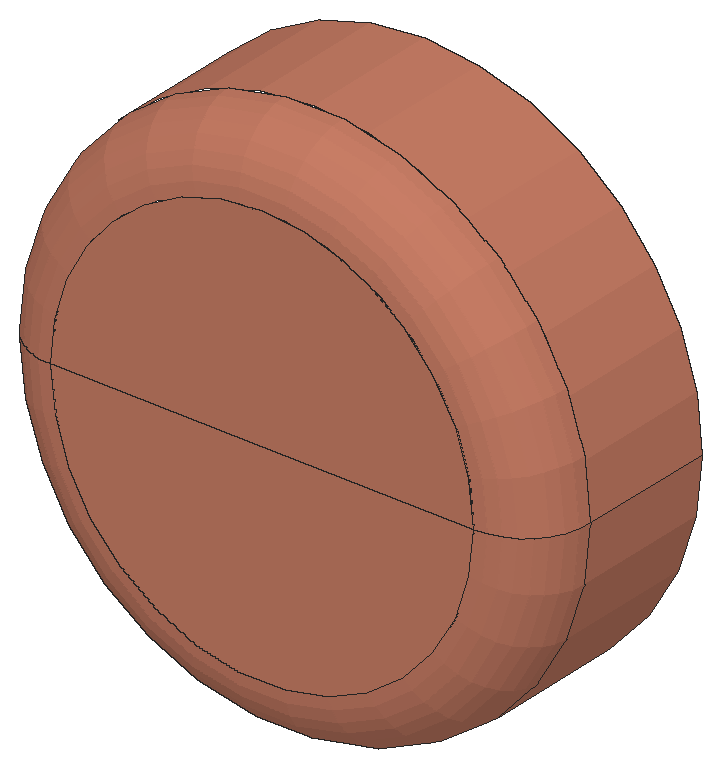
Revit family "Fittings_CopperCap_Ardent_REECE", category Pipe Fittings, Revit 2019
Family settings
  Round Connector Dimension = Use Diameter
  Part Type = Cap
  OmniClass Number = 23.60.30.11.14
  OmniClass Title = Pipework Fittings
  Work Plane-Based = No
  Always vertical = Yes
  Cut with Voids When Loaded = No
  Shared = No
Parameters (values of type "Standard")
  ØD [instance] = size_lookup(Lookup Table Name, "ØA", NominalDiameter * 0.99, NominalDiameter)  # 31.77 mm
  URL = "http://www.reece.com.au/"
  Type Comments = "Manufactured to comply and marked in accordance with Australian Standards AS1432 and AS3688"  # constant formula
  T [instance] = size_lookup(Lookup Table Name, "T", 1 mm, NominalDiameter)  # 1.09 mm
  NominalDiameter [instance] = 32 mm
  ModifiedIssue_ANZRS [instance] = 20151010.54  # constant formula
  Model = "Ardent Copper Cap H/P"  # constant formula
  Material = Reece_Copper
  Manufacturer = "Reece"  # constant formula
  Lookup Table Name = "Fittings_CopperCap_Ardent_REECE"
  L [instance] = size_lookup(Lookup Table Name, "L", NominalDiameter * 0.55, NominalDiameter)  # 8.5 mm
  built-in parameter 1114238 [instance] = not(0 mm < size_lookup(Lookup Table Name, "L", 0 mm, NominalDiameter))  # (empty or 0)
  FittingType = "CopperCap"  # constant formula
  Description = "TBC"  # constant formula
  CustomFitting [instance] = not(0 mm < size_lookup(Lookup Table Name, "L", 0 mm, NominalDiameter))  # no
  CreatedByURL_ANZRS = "http://www.thinkbimmepaus.com.au/"
  CreatedBy = "A2K Technologies"  # constant formula
  A [instance] = size_lookup(Lookup Table Name, "A", NominalDiameter * 0.625, NominalDiameter)  # 12.5 mm
Reference planes
  plane 1 "Center (Front/Back)": y = 0
  plane 2: z = 0
  plane 3 "Center (Left/Right)": x = 0
  plane 4: x = 15.885
  plane 5: x = 16.975
  plane 6: y = 8.5
  plane 7: y = -4
  plane 8: x = -15.885
Forms (mm)
  Revolve 1, solid, material "Reece_Copper" <- "Material", detail levels fine
    sketch origin (0, 0, 0) x (1, 0, 0) y (0, 1, 0)
      loop
        line (0, -4) -> (12.975, -4)
        arc (12.975, -4) -> (15.803, -2.828) -> (16.975, 0) r 4
        line (16.975, 0) -> (16.975, 8.5) -> (0, 8.5) -> (0, -4)
      axis (0, 8.5) -> (0, -4)
    angle from 0 to 360
Lines and regions (mm)
  model lines, detail levels coarse+medium
    curve 1: line (-15.885, 8.5, 0) -> (-15.885, -4, 0)
    curve 2: line (-15.885, -4, 0) -> (15.885, -4, 0)
    curve 3: line (15.885, -4, 0) -> (15.885, 8.5, 0)
Dimensions and locks
  "T": plane 4 to plane 5
  "L": plane 1 "Center (Front/Back)" to plane 6
  equal spacing: plane 8, plane 3 "Center (Left/Right)", plane 4
  "ØD": plane 8 to plane 4
  "A": plane 6 to plane 7
  locked: connector elem to plane 3 "Center (Left/Right)" at 0
  locked: connector elem to plane 2 at 0
  aligned and locked: level to plane 2
  aligned and locked: Revolve 1 sketch curve to plane 3 "Center (Left/Right)"  (x2)
  aligned and locked: plane 6 to Revolve 1 sketch curve
  aligned and locked: plane 5 to Revolve 1 sketch curve
  aligned and locked: Revolve 1 sketch curve to plane 7
  aligned and locked: plane 6 to curve 1
  aligned and locked: plane 6 to curve 3
  aligned and locked: curve 2 to plane 7
  aligned and locked: plane 8 to curve 1
  aligned and locked: plane 4 to curve 3
Automatic sketch dimensions
  plane 1 "Center (Front/Back)" to Revolve 1 sketch curve = 2000 mm
  plane 6 to Revolve 1 sketch curve = 1706.728 mm
  plane 1 "Center (Front/Back)" to Revolve 1 sketch curve = 0 mm
Connectors
  piping at (0, 0, 0), diameter 32, driven by "NominalDiameter"
    settings: on plane 1 "Center (Front/Back)", index 1, connector inside diameter 609.6 mm, connector length 0 mm, flow factor 0, pipe flow 0.0 L/s, pressure drop 0.0 Pa, fitting loss kfactor 0, connector angle 0.00°, fixture units 0, engagement length 0 mm, angle of deflection 0.00°, flow configuration 0, flow direction 0, fitting loss method 0, system type 28, joint type 0, gender type 0, connector reference index -1, connector utility 0, adjustable connector no, is connector primary yes, connector description ""
